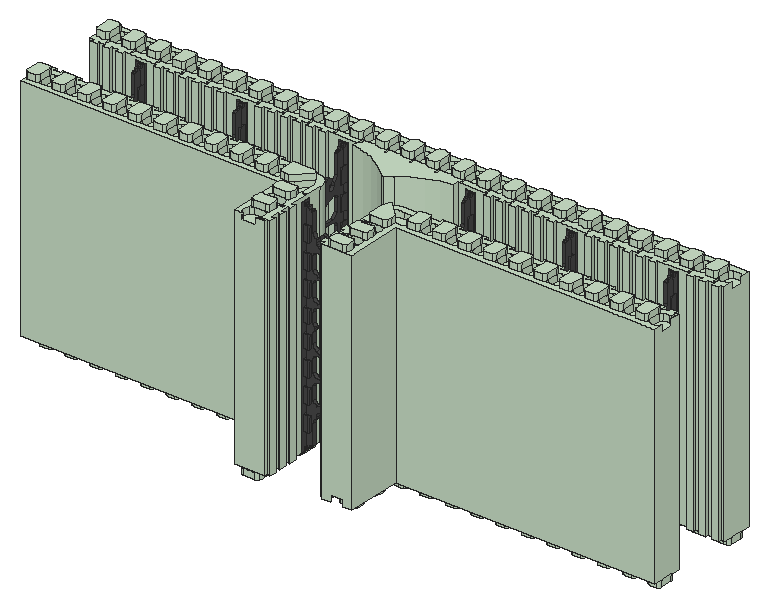
Revit family (continued)
Forms (in)
  Extrusion 96, void
    sketch origin (-7.99998, -2.00002, 0) x (0, -1, 0) y (1, 0, 0)
      loop
        arc (-3.97692, 24.99998) -> (-3.82983, 25.04783) -> (-3.73905, 25.17306) r 0.25
        arc (-3.73905, 25.17306) -> (-3.69045, 25.4209) -> (-3.70172, 25.67321) r 1.0625
        arc (-3.70172, 25.67321) -> (-3.68771, 25.72383) -> (-3.64005, 25.7459) r 0.0625
        line (-3.64005, 25.7459) -> (-3.41845, 25.7459) -> (-3.41845, 25.91673) -> (-3.76455, 25.91673)
        arc (-3.76455, 25.91673) -> (-3.78736, 25.92104) -> (-3.80702, 25.93338) r 0.0625
        arc (-3.80702, 25.93338) -> (-3.88568, 25.98274) -> (-3.97692, 25.99998) r 0.25
        line (-3.97692, 25.99998) -> (-4.89808, 25.99998)
        arc (-4.89808, 25.99998) -> (-5.04517, 25.95213) -> (-5.13595, 25.8269) r 0.25
        arc (-5.13595, 25.8269) -> (-5.1875, 25.49998) -> (-5.13595, 25.17306) r 1.0625
    from 0 to 0.5
  Extrusion 97, void
    sketch origin (-5.99998, -2.00002, 0) x (0, -1, 0) y (1, 0, 0)
      loop
        arc (-5.13595, 25.17306) -> (-5.04517, 25.04783) -> (-4.89808, 24.99998) r 0.25
        line (-4.89808, 24.99998) -> (-3.97692, 24.99998)
        arc (-3.97692, 24.99998) -> (-3.82983, 25.04783) -> (-3.73905, 25.17306) r 0.25
        arc (-3.73905, 25.17306) -> (-3.69045, 25.4209) -> (-3.70172, 25.67321) r 1.0625
        arc (-3.70172, 25.67321) -> (-3.68771, 25.72383) -> (-3.64005, 25.7459) r 0.0625
        line (-3.64005, 25.7459) -> (-3.41845, 25.7459) -> (-3.41845, 25.91673) -> (-3.76455, 25.91673)
        arc (-3.76455, 25.91673) -> (-3.78736, 25.92104) -> (-3.80702, 25.93338) r 0.0625
        arc (-3.80702, 25.93338) -> (-3.88568, 25.98274) -> (-3.97692, 25.99998) r 0.25
        line (-3.97692, 25.99998) -> (-4.89808, 25.99998)
        arc (-4.89808, 25.99998) -> (-5.04517, 25.95213) -> (-5.13595, 25.8269) r 0.25
        arc (-5.13595, 25.8269) -> (-5.1875, 25.49998) -> (-5.13595, 25.17306) r 1.0625
    from 0 to 0.5
  Extrusion 98, void
    sketch origin (-3.99998, -2.00002, 0) x (0, -1, 0) y (1, 0, 0)
      loop
        arc (-5.13595, 25.17306) -> (-5.04517, 25.04783) -> (-4.89808, 24.99998) r 0.25
        line (-4.89808, 24.99998) -> (-3.97692, 24.99998)
        arc (-3.97692, 24.99998) -> (-3.82983, 25.04783) -> (-3.73905, 25.17306) r 0.25
        arc (-3.73905, 25.17306) -> (-3.69045, 25.4209) -> (-3.70172, 25.67321) r 1.0625
        arc (-3.70172, 25.67321) -> (-3.68771, 25.72383) -> (-3.64005, 25.7459) r 0.0625
        line (-3.64005, 25.7459) -> (-3.41845, 25.7459) -> (-3.41845, 25.91673) -> (-3.76455, 25.91673)
        arc (-3.76455, 25.91673) -> (-3.78736, 25.92104) -> (-3.80702, 25.93338) r 0.0625
        arc (-3.80702, 25.93338) -> (-3.88568, 25.98274) -> (-3.97692, 25.99998) r 0.25
        line (-3.97692, 25.99998) -> (-4.89808, 25.99998)
        arc (-4.89808, 25.99998) -> (-5.04517, 25.95213) -> (-5.13595, 25.8269) r 0.25
        arc (-5.13595, 25.8269) -> (-5.1875, 25.49998) -> (-5.13595, 25.17306) r 1.0625
    from 0 to 0.5
  Extrusion 99, void
    sketch origin (-1.99998, -2.00002, 0) x (0, -1, 0) y (1, 0, 0)
      loop
        arc (-5.13595, 25.17306) -> (-5.04517, 25.04783) -> (-4.89808, 24.99998) r 0.25
        line (-4.89808, 24.99998) -> (-3.97692, 24.99998)
        arc (-3.97692, 24.99998) -> (-3.82983, 25.04783) -> (-3.73905, 25.17306) r 0.25
        arc (-3.73905, 25.17306) -> (-3.69045, 25.4209) -> (-3.70172, 25.67321) r 1.0625
        arc (-3.70172, 25.67321) -> (-3.68771, 25.72383) -> (-3.64005, 25.7459) r 0.0625
        line (-3.64005, 25.7459) -> (-3.41845, 25.7459) -> (-3.41845, 25.91673) -> (-3.76455, 25.91673)
        arc (-3.76455, 25.91673) -> (-3.78736, 25.92104) -> (-3.80702, 25.93338) r 0.0625
        arc (-3.80702, 25.93338) -> (-3.88568, 25.98274) -> (-3.97692, 25.99998) r 0.25
        line (-3.97692, 25.99998) -> (-4.89808, 25.99998)
        arc (-4.89808, 25.99998) -> (-5.04517, 25.95213) -> (-5.13595, 25.8269) r 0.25
        arc (-5.13595, 25.8269) -> (-5.1875, 25.49998) -> (-5.13595, 25.17306) r 1.0625
    from 0 to 0.5
  Extrusion 100, void
    sketch origin (-49.99998, -2.00002, 0) x (0, -1, 0) y (1, 0, 0)
      loop
        arc (-5.13595, 25.17306) -> (-5.04517, 25.04783) -> (-4.89808, 24.99998) r 0.25
        line (-4.89808, 24.99998) -> (-3.97692, 24.99998)
        arc (-3.97692, 24.99998) -> (-3.82983, 25.04783) -> (-3.73905, 25.17306) r 0.25
        arc (-3.73905, 25.17306) -> (-3.69045, 25.4209) -> (-3.70172, 25.67321) r 1.0625
        arc (-3.70172, 25.67321) -> (-3.68771, 25.72383) -> (-3.64005, 25.7459) r 0.0625
        line (-3.64005, 25.7459) -> (-3.41845, 25.7459) -> (-3.41845, 25.91673) -> (-3.76455, 25.91673)
        arc (-3.76455, 25.91673) -> (-3.78736, 25.92104) -> (-3.80702, 25.93338) r 0.0625
        arc (-3.80702, 25.93338) -> (-3.88568, 25.98274) -> (-3.97692, 25.99998) r 0.25
        line (-3.97692, 25.99998) -> (-4.89808, 25.99998)
        arc (-4.89808, 25.99998) -> (-5.04517, 25.95213) -> (-5.13595, 25.8269) r 0.25
        arc (-5.13595, 25.8269) -> (-5.1875, 25.49998) -> (-5.13595, 25.17306) r 1.0625
    from 0 to 0.5
  Extrusion 101, void
    sketch origin (-47.99998, -2.00002, 0) x (0, -1, 0) y (1, 0, 0)
      loop
        arc (-5.13595, 25.17306) -> (-5.04517, 25.04783) -> (-4.89808, 24.99998) r 0.25
        line (-4.89808, 24.99998) -> (-3.97692, 24.99998)
        arc (-3.97692, 24.99998) -> (-3.82983, 25.04783) -> (-3.73905, 25.17306) r 0.25
        arc (-3.73905, 25.17306) -> (-3.69045, 25.4209) -> (-3.70172, 25.67321) r 1.0625
        arc (-3.70172, 25.67321) -> (-3.68771, 25.72383) -> (-3.64005, 25.7459) r 0.0625
        line (-3.64005, 25.7459) -> (-3.41845, 25.7459) -> (-3.41845, 25.91673) -> (-3.76455, 25.91673)
        arc (-3.76455, 25.91673) -> (-3.78736, 25.92104) -> (-3.80702, 25.93338) r 0.0625
        arc (-3.80702, 25.93338) -> (-3.88568, 25.98274) -> (-3.97692, 25.99998) r 0.25
        line (-3.97692, 25.99998) -> (-4.89808, 25.99998)
        arc (-4.89808, 25.99998) -> (-5.04517, 25.95213) -> (-5.13595, 25.8269) r 0.25
        arc (-5.13595, 25.8269) -> (-5.1875, 25.49998) -> (-5.13595, 25.17306) r 1.0625
    from 0 to 0.5
  Extrusion 102, void
    sketch origin (-45.99998, -2.00002, 0) x (0, -1, 0) y (1, 0, 0)
      loop
        arc (-5.13595, 25.17306) -> (-5.04517, 25.04783) -> (-4.89808, 24.99998) r 0.25
        line (-4.89808, 24.99998) -> (-3.97692, 24.99998)
        arc (-3.97692, 24.99998) -> (-3.82983, 25.04783) -> (-3.73905, 25.17306) r 0.25
        arc (-3.73905, 25.17306) -> (-3.69045, 25.4209) -> (-3.70172, 25.67321) r 1.0625
        arc (-3.70172, 25.67321) -> (-3.68771, 25.72383) -> (-3.64005, 25.7459) r 0.0625
        line (-3.64005, 25.7459) -> (-3.41845, 25.7459) -> (-3.41845, 25.91673) -> (-3.76455, 25.91673)
        arc (-3.76455, 25.91673) -> (-3.78736, 25.92104) -> (-3.80702, 25.93338) r 0.0625
        arc (-3.80702, 25.93338) -> (-3.88568, 25.98274) -> (-3.97692, 25.99998) r 0.25
        line (-3.97692, 25.99998) -> (-4.89808, 25.99998)
        arc (-4.89808, 25.99998) -> (-5.04517, 25.95213) -> (-5.13595, 25.8269) r 0.25
        arc (-5.13595, 25.8269) -> (-5.1875, 25.49998) -> (-5.13595, 25.17306) r 1.0625
    from 0 to 0.5
  Extrusion 103, void
    sketch origin (-43.99998, -2.00002, 0) x (0, -1, 0) y (1, 0, 0)
      loop
        arc (-5.13595, 25.17306) -> (-5.04517, 25.04783) -> (-4.89808, 24.99998) r 0.25
        line (-4.89808, 24.99998) -> (-3.97692, 24.99998)
        arc (-3.97692, 24.99998) -> (-3.82983, 25.04783) -> (-3.73905, 25.17306) r 0.25
        arc (-3.73905, 25.17306) -> (-3.69045, 25.4209) -> (-3.70172, 25.67321) r 1.0625
        arc (-3.70172, 25.67321) -> (-3.68771, 25.72383) -> (-3.64005, 25.7459) r 0.0625
        line (-3.64005, 25.7459) -> (-3.41845, 25.7459) -> (-3.41845, 25.91673) -> (-3.76455, 25.91673)
        arc (-3.76455, 25.91673) -> (-3.78736, 25.92104) -> (-3.80702, 25.93338) r 0.0625
        arc (-3.80702, 25.93338) -> (-3.88568, 25.98274) -> (-3.97692, 25.99998) r 0.25
        line (-3.97692, 25.99998) -> (-4.89808, 25.99998)
        arc (-4.89808, 25.99998) -> (-5.04517, 25.95213) -> (-5.13595, 25.8269) r 0.25
        arc (-5.13595, 25.8269) -> (-5.1875, 25.49998) -> (-5.13595, 25.17306) r 1.0625
    from 0 to 0.5
  Extrusion 104, void
    sketch origin (-41.99998, -2.00002, 0) x (0, -1, 0) y (1, 0, 0)
      loop
        arc (-5.13595, 25.17306) -> (-5.04517, 25.04783) -> (-4.89808, 24.99998) r 0.25
        line (-4.89808, 24.99998) -> (-3.97692, 24.99998)
        arc (-3.97692, 24.99998) -> (-3.82983, 25.04783) -> (-3.73905, 25.17306) r 0.25
        arc (-3.73905, 25.17306) -> (-3.69045, 25.4209) -> (-3.70172, 25.67321) r 1.0625
        arc (-3.70172, 25.67321) -> (-3.68771, 25.72383) -> (-3.64005, 25.7459) r 0.0625
        line (-3.64005, 25.7459) -> (-3.41845, 25.7459) -> (-3.41845, 25.91673) -> (-3.76455, 25.91673)
        arc (-3.76455, 25.91673) -> (-3.78736, 25.92104) -> (-3.80702, 25.93338) r 0.0625
        arc (-3.80702, 25.93338) -> (-3.88568, 25.98274) -> (-3.97692, 25.99998) r 0.25
        line (-3.97692, 25.99998) -> (-4.89808, 25.99998)
        arc (-4.89808, 25.99998) -> (-5.04517, 25.95213) -> (-5.13595, 25.8269) r 0.25
        arc (-5.13595, 25.8269) -> (-5.1875, 25.49998) -> (-5.13595, 25.17306) r 1.0625
    from 0 to 0.5
  Extrusion 105, void
    sketch origin (-39.99998, -2.00002, 0) x (0, -1, 0) y (1, 0, 0)
      loop
        arc (-5.13595, 25.17306) -> (-5.04517, 25.04783) -> (-4.89808, 24.99998) r 0.25
        line (-4.89808, 24.99998) -> (-3.97692, 24.99998)
        arc (-3.97692, 24.99998) -> (-3.82983, 25.04783) -> (-3.73905, 25.17306) r 0.25
        arc (-3.73905, 25.17306) -> (-3.69045, 25.4209) -> (-3.70172, 25.67321) r 1.0625
        arc (-3.70172, 25.67321) -> (-3.68771, 25.72383) -> (-3.64005, 25.7459) r 0.0625
        line (-3.64005, 25.7459) -> (-3.41845, 25.7459) -> (-3.41845, 25.91673) -> (-3.76455, 25.91673)
        arc (-3.76455, 25.91673) -> (-3.78736, 25.92104) -> (-3.80702, 25.93338) r 0.0625
        arc (-3.80702, 25.93338) -> (-3.88568, 25.98274) -> (-3.97692, 25.99998) r 0.25
        line (-3.97692, 25.99998) -> (-4.89808, 25.99998)
        arc (-4.89808, 25.99998) -> (-5.04517, 25.95213) -> (-5.13595, 25.8269) r 0.25
        arc (-5.13595, 25.8269) -> (-5.1875, 25.49998) -> (-5.13595, 25.17306) r 1.0625
    from 0 to 0.5
  Extrusion 106, void
    sketch origin (-37.99998, -2.00002, 0) x (0, -1, 0) y (1, 0, 0)
      loop
        arc (-5.13595, 25.17306) -> (-5.04517, 25.04783) -> (-4.89808, 24.99998) r 0.25
        line (-4.89808, 24.99998) -> (-3.97692, 24.99998)
        arc (-3.97692, 24.99998) -> (-3.82983, 25.04783) -> (-3.73905, 25.17306) r 0.25
        arc (-3.73905, 25.17306) -> (-3.69045, 25.4209) -> (-3.70172, 25.67321) r 1.0625
        arc (-3.70172, 25.67321) -> (-3.68771, 25.72383) -> (-3.64005, 25.7459) r 0.0625
        line (-3.64005, 25.7459) -> (-3.41845, 25.7459) -> (-3.41845, 25.91673) -> (-3.76455, 25.91673)
        arc (-3.76455, 25.91673) -> (-3.78736, 25.92104) -> (-3.80702, 25.93338) r 0.0625
        arc (-3.80702, 25.93338) -> (-3.88568, 25.98274) -> (-3.97692, 25.99998) r 0.25
        line (-3.97692, 25.99998) -> (-4.89808, 25.99998)
        arc (-4.89808, 25.99998) -> (-5.04517, 25.95213) -> (-5.13595, 25.8269) r 0.25
        arc (-5.13595, 25.8269) -> (-5.1875, 25.49998) -> (-5.13595, 25.17306) r 1.0625
    from 0 to 0.5
  Extrusion 107, void
    sketch origin (-35.99998, -2.00002, 0) x (0, -1, 0) y (1, 0, 0)
      loop
        arc (-5.13595, 25.17306) -> (-5.04517, 25.04783) -> (-4.89808, 24.99998) r 0.25
        line (-4.89808, 24.99998) -> (-3.97692, 24.99998)
        arc (-3.97692, 24.99998) -> (-3.82983, 25.04783) -> (-3.73905, 25.17306) r 0.25
        arc (-3.73905, 25.17306) -> (-3.69045, 25.4209) -> (-3.70172, 25.67321) r 1.0625
        arc (-3.70172, 25.67321) -> (-3.68771, 25.72383) -> (-3.64005, 25.7459) r 0.0625
        line (-3.64005, 25.7459) -> (-3.41845, 25.7459) -> (-3.41845, 25.91673) -> (-3.76455, 25.91673)
        arc (-3.76455, 25.91673) -> (-3.78736, 25.92104) -> (-3.80702, 25.93338) r 0.0625
        arc (-3.80702, 25.93338) -> (-3.88568, 25.98274) -> (-3.97692, 25.99998) r 0.25
        line (-3.97692, 25.99998) -> (-4.89808, 25.99998)
        arc (-4.89808, 25.99998) -> (-5.04517, 25.95213) -> (-5.13595, 25.8269) r 0.25
        arc (-5.13595, 25.8269) -> (-5.1875, 25.49998) -> (-5.13595, 25.17306) r 1.0625
    from 0 to 0.5
Cuts and joins
  Extrusion 2, Extrusion 3, Extrusion 4, Extrusion 5, Extrusion 6, Extrusion 7, Extrusion 8, Extrusion 9, Extrusion 10, Extrusion 11, Extrusion 12, Extrusion 13, Extrusion 14, Extrusion 15, Extrusion 16, Extrusion 17, Extrusion 18, Extrusion 19, Extrusion 20, Extrusion 21, Extrusion 22, Extrusion 23, Extrusion 24, Extrusion 25, Extrusion 26, Extrusion 27, Extrusion 28, Extrusion 29, Extrusion 30, Extrusion 31, Extrusion 32, Extrusion 33, Extrusion 34, Extrusion 35, Extrusion 36, Extrusion 37, Extrusion 38, Extrusion 39, Extrusion 40, Extrusion 41, Extrusion 46, Extrusion 47, Extrusion 48, Extrusion 49, Extrusion 50, Extrusion 51, Extrusion 52, Extrusion 53, Extrusion 54, Extrusion 55, Extrusion 56, Extrusion 57, Extrusion 58, Extrusion 59, Extrusion 60, Extrusion 61, Extrusion 62, Extrusion 63, Extrusion 64, Extrusion 65, Extrusion 66, Extrusion 67, Extrusion 68, Extrusion 69, Extrusion 70, Extrusion 71, Extrusion 72, Extrusion 73, Extrusion 74, Extrusion 75, Extrusion 76, Extrusion 77, Extrusion 78, Extrusion 79, Extrusion 80, Extrusion 81, Extrusion 82, Extrusion 83, Extrusion 84, Extrusion 85, Extrusion 86, Extrusion 87, Extrusion 88, Extrusion 89, Extrusion 90, Extrusion 91, Extrusion 92, Extrusion 93, Extrusion 94, Extrusion 95, Extrusion 96, Extrusion 97, Extrusion 98, Extrusion 99, Extrusion 100, Extrusion 101, Extrusion 102, Extrusion 103, Extrusion 104, Extrusion 105, Extrusion 106, Extrusion 107 cuts Extrusion 1
  Extrusion 53 cuts Extrusion 43
  Extrusion 85 cuts Extrusion 45
Lines and regions (in)
  model lines
    curve 1: line (-1, 3.62754, 18) -> (-1, 3.62754, 0)
Dimensions and locks (in)
  locked: plane 8 to level at 18  (x2)
  locked: plane 5 to plane 4 at 4
  locked: plane 7 to plane 6 at 4
  aligned and locked: plane 8 to Extrusion 1
  aligned and locked: Extrusion 1 to level
  aligned and locked: Extrusion 1 to plane 8
  aligned and locked: plane 2 to level
  aligned: cut or joined group 1 (Extrusion 1, Extrusion 2, Extrusion 3, Extrusion 4, Extrusion 5, Extrusion 6, Extrusion 7, Extrusion 8, Extrusion 9, Extrusion 10, Extrusion 11, Extrusion 12, Extrusion 13, Extrusion 14, Extrusion 15, Extrusion 16, Extrusion 17, Extrusion 18, Extrusion 19, Extrusion 20, Extrusion 21, Extrusion 22, Extrusion 23, Extrusion 24, Extrusion 25, Extrusion 26, Extrusion 27, Extrusion 28, Extrusion 29, Extrusion 30, Extrusion 31, Extrusion 32, Extrusion 33, Extrusion 34, Extrusion 35, Extrusion 36, Extrusion 37, Extrusion 38, Extrusion 39, Extrusion 40, Extrusion 41, Extrusion 46, Extrusion 47, Extrusion 48, Extrusion 49, Extrusion 50, Extrusion 51, Extrusion 52, Extrusion 53, Extrusion 54, Extrusion 55, Extrusion 56, Extrusion 57, Extrusion 58, Extrusion 59, Extrusion 60, Extrusion 61, Extrusion 62, Extrusion 63, Extrusion 64, Extrusion 65, Extrusion 66, Extrusion 67, Extrusion 68, Extrusion 69, Extrusion 70, Extrusion 71, Extrusion 72, Extrusion 73, Extrusion 74, Extrusion 75, Extrusion 76, Extrusion 77, Extrusion 78, Extrusion 79, Extrusion 80, Extrusion 81, Extrusion 82, Extrusion 83, Extrusion 84, Extrusion 85, Extrusion 86, Extrusion 87, Extrusion 88, Extrusion 89, Extrusion 90, Extrusion 91, Extrusion 92, Extrusion 93, Extrusion 94, Extrusion 95, Extrusion 96, Extrusion 97, Extrusion 98, Extrusion 99, Extrusion 100, Extrusion 101, Extrusion 102, Extrusion 103, Extrusion 104, Extrusion 105, Extrusion 106, Extrusion 107) to nested 37
  aligned: nested 39 to cut or joined group 1
  aligned: nested 40 to cut or joined group 1
  aligned: cut or joined group 1 to nested 41
  aligned: cut or joined group 1 to nested 104
  aligned: cut or joined group 1 to nested 105
  aligned and locked: nested 40 to nested 41
  aligned and locked: nested 106 to nested 40
  aligned: cut or joined group 1 to nested 107
  aligned: nested 109 to cut or joined group 1
  aligned: cut or joined group 1 to nested 108
  aligned: nested 110 to cut or joined group 1
  aligned: nested 111 to cut or joined group 1
  aligned: nested 112 to cut or joined group 1
  aligned and locked: nested 107 to cut or joined group 1
  aligned and locked: nested 118 to cut or joined group 1
  aligned and locked: cut or joined group 1 to nested 117
  aligned and locked: cut or joined group 1 to nested 116
  aligned and locked: cut or joined group 1 to nested 115
  aligned and locked: cut or joined group 1 to nested 114
  aligned and locked: cut or joined group 1 to nested 113
  aligned and locked: nested 119 to cut or joined group 1
Nested families (in)
  nested 1: "Interlock Tooth" at (-1, -9.99998, 0) x (0, 1, 0) z (0, 0, 1), type "Interlock Tooth"
  nested 2: "Interlock Tooth" at (-1, -7.99998, 0) x (0, 1, 0) z (0, 0, 1), type "Interlock Tooth"
  nested 3: "Interlock Tooth" at (1, -8.99998, 0) x (0, 1, 0) z (0, 0, 1), type "Interlock Tooth"
  nested 4: "Interlock Tooth" at (1, -6.99998, 0) x (0, 1, 0) z (0, 0, 1), type "Interlock Tooth"
  nested 5: "Interlock Tooth" at (-9, 0.00002, 0), type "Interlock Tooth"
  nested 6: "Interlock Tooth" at (-7, 0.00002, 0), type "Interlock Tooth"
  nested 7: "Interlock Tooth" at (5, 0.00002, 0), type "Interlock Tooth"
  nested 8: "Interlock Tooth" at (7, 0.00002, 0), type "Interlock Tooth"
  nested 9: "Interlock Tooth" at (-8, 0.00002, -18.5), type "Interlock Tooth"
  nested 10: "Interlock Tooth" at (-6, 0.00002, -18.5), type "Interlock Tooth"
  nested 11: "Interlock Tooth" at (8, 0.00002, -18.5), type "Interlock Tooth"
  nested 12: "Interlock Tooth" at (6, 0.00002, -18.5), type "Interlock Tooth"
  nested 13: "Interlock Tooth" at (1, -8.99998, -18.5) x (0, -1, 0) z (0, 0, 1), type "Interlock Tooth"
  nested 14: "Interlock Tooth" at (1, -6.99998, -18.5) x (0, -1, 0) z (0, 0, 1), type "Interlock Tooth"
  nested 15: "Interlock Tooth" at (-1, -8.99998, -18.5) x (0, 1, 0) z (0, 0, 1), type "Interlock Tooth"
  nested 16: "Interlock Tooth" at (-1, -6.99998, -18.5) x (0, 1, 0) z (0, 0, 1), type "Interlock Tooth"
  nested 17: "Interlock Tooth" at (-8, -2.00002, 0) x (-1, 0, 0) z (0, 0, 1), type "Interlock Tooth"
  nested 18: "Interlock Tooth" at (-9, -2.00002, -18.5) x (-1, 0, 0) z (0, 0, 1), type "Interlock Tooth"
  nested 19: "Interlock Tooth" at (-6, -2.00002, 0) x (-1, 0, 0) z (0, 0, 1), type "Interlock Tooth"
  nested 20: "Interlock Tooth" at (-7, -2.00002, -18.5) x (-1, 0, 0) z (0, 0, 1), type "Interlock Tooth"
  nested 21: "Interlock Tooth" at (-4, -2.00002, 0) x (-1, 0, 0) z (0, 0, 1), type "Interlock Tooth"
  nested 22: "Interlock Tooth" at (-5, -2.00002, -18.5) x (-1, 0, 0) z (0, 0, 1), type "Interlock Tooth"
  nested 23: "Interlock Tooth" at (-2, -2.00002, 0) x (-1, 0, 0) z (0, 0, 1), type "Interlock Tooth"
  nested 24: "Interlock Tooth" at (-3, -2.00002, -18.5) x (-1, 0, 0) z (0, 0, 1), type "Interlock Tooth"
  nested 25: "Interlock Tooth" at (0, -2.00002, 0) x (-1, 0, 0) z (0, 0, 1), type "Interlock Tooth"
  nested 26: "Interlock Tooth" at (-1, -2.00002, -18.5) x (-1, 0, 0) z (0, 0, 1), type "Interlock Tooth"
  nested 27: "Interlock Tooth" at (2, -2.00002, 0) x (-1, 0, 0) z (0, 0, 1), type "Interlock Tooth"
  nested 28: "Interlock Tooth" at (1, -2.00002, -18.5) x (-1, 0, 0) z (0, 0, 1), type "Interlock Tooth"
  nested 29: "Interlock Tooth" at (4, -2.00002, 0) x (-1, 0, 0) z (0, 0, 1), type "Interlock Tooth"
  nested 30: "Interlock Tooth" at (3, -2.00002, -18.5) x (-1, 0, 0) z (0, 0, 1), type "Interlock Tooth"
  nested 31: "Interlock Tooth" at (6, -2.00002, 0) x (-1, 0, 0) z (0, 0, 1), type "Interlock Tooth"
  nested 32: "Interlock Tooth" at (5, -2.00002, -18.5) x (-1, 0, 0) z (0, 0, 1), type "Interlock Tooth"
  nested 33: "Interlock Tooth" at (8, -2.00002, 0) x (-1, 0, 0) z (0, 0, 1), type "Interlock Tooth"
  nested 34: "Interlock Tooth" at (7, -2.00002, -18.5) x (-1, 0, 0) z (0, 0, 1), type "Interlock Tooth"
  nested 35: "Interlock Tooth" at (10, -2.00002, 0) x (-1, 0, 0) z (0, 0, 1), type "Interlock Tooth"
  nested 36: "Interlock Tooth" at (9, -2.00002, -18.5) x (-1, 0, 0) z (0, 0, 1), type "Interlock Tooth"
  nested 37: "NUDURA Diamond Pattern Missing Two Lines" at (-10.25, -9.99998, 0) x (0, 1, 0) z (0, 0, 1), type "NUDURA Diamond Pattern minus Two lines"
  nested 38: "NUDURA Diamond Pattern Missing Two Lines" at (-9, 0, 0), type "NUDURA Diamond Pattern minus Two lines"
  nested 39: "NUDURA Diamond Pattern Missing Two Lines" at (-1, -9.99998, 0) x (0, 1, 0) z (0, 0, 1), type "NUDURA Diamond Pattern minus Two lines"
  nested 40: "NUDURA Logo Diamond" at (16.99744, 3.62754, 0) x (-1, 0, 0) z (0, 0, 1), type "NUDURA Logo Diamond"
  nested 41: "NUDURA Logo Diamond" at (6.99744, 3.62754, 0) x (-1, 0, 0) z (0, 0, 1), type "NUDURA Logo Diamond"
  nested 42: "Interlock Tooth" at (-16, -2.00002, 0) x (-1, 0, 0) z (0, 0, 1), type "Interlock Tooth"
  nested 43: "Interlock Tooth" at (-14, -2.00002, 0) x (-1, 0, 0) z (0, 0, 1), type "Interlock Tooth"
  nested 44: "Interlock Tooth" at (-12, -2.00002, 0) x (-1, 0, 0) z (0, 0, 1), type "Interlock Tooth"
  nested 45: "Interlock Tooth" at (-10, -2.00002, 0) x (-1, 0, 0) z (0, 0, 1), type "Interlock Tooth"
  nested 46: "Interlock Tooth" at (-18, -2.00002, 0) x (-1, 0, 0) z (0, 0, 1), type "Interlock Tooth"
  nested 47: "Interlock Tooth" at (-24, -2.00002, 0) x (-1, 0, 0) z (0, 0, 1), type "Interlock Tooth"
  nested 48: "Interlock Tooth" at (-22, -2.00002, 0) x (-1, 0, 0) z (0, 0, 1), type "Interlock Tooth"
  nested 49: "Interlock Tooth" at (-20, -2.00002, 0) x (-1, 0, 0) z (0, 0, 1), type "Interlock Tooth"
  nested 50: "Interlock Tooth" at (-13, 0.00002, 0), type "Interlock Tooth"
  nested 51: "Interlock Tooth" at (-11, 0.00002, 0), type "Interlock Tooth"
  nested 52: "Interlock Tooth" at (-17, 0.00002, 0), type "Interlock Tooth"
  nested 53: "Interlock Tooth" at (-15, 0.00002, 0), type "Interlock Tooth"
  nested 54: "Interlock Tooth" at (-21, 0.00002, 0), type "Interlock Tooth"
  nested 55: "Interlock Tooth" at (-19, 0.00002, 0), type "Interlock Tooth"
  nested 56: "Interlock Tooth" at (-25, 0.00002, 0), type "Interlock Tooth"
  nested 57: "Interlock Tooth" at (-23, 0.00002, 0), type "Interlock Tooth"
  nested 58: "Interlock Tooth" at (9, 0.00002, 0), type "Interlock Tooth"
  nested 59: "Interlock Tooth" at (11, 0.00002, 0), type "Interlock Tooth"
  nested 60: "Interlock Tooth" at (13, 0.00002, 0), type "Interlock Tooth"
  nested 61: "Interlock Tooth" at (15, 0.00002, 0), type "Interlock Tooth"
  nested 62: "Interlock Tooth" at (17, 0.00002, 0), type "Interlock Tooth"
  nested 63: "Interlock Tooth" at (19, 0.00002, 0), type "Interlock Tooth"
  nested 64: "Interlock Tooth" at (21, 0.00002, 0), type "Interlock Tooth"
  nested 65: "Interlock Tooth" at (23, 0.00002, 0), type "Interlock Tooth"
  nested 66: "Interlock Tooth" at (14, -2.00002, 0) x (-1, 0, 0) z (0, 0, 1), type "Interlock Tooth"
  nested 67: "Interlock Tooth" at (16, -2.00002, 0) x (-1, 0, 0) z (0, 0, 1), type "Interlock Tooth"
  nested 68: "Interlock Tooth" at (18, -2.00002, 0) x (-1, 0, 0) z (0, 0, 1), type "Interlock Tooth"
  nested 69: "Interlock Tooth" at (20, -2.00002, 0) x (-1, 0, 0) z (0, 0, 1), type "Interlock Tooth"
  nested 70: "Interlock Tooth" at (22, -2.00002, 0) x (-1, 0, 0) z (0, 0, 1), type "Interlock Tooth"
  nested 71: "Interlock Tooth" at (24, -2.00002, 0) x (-1, 0, 0) z (0, 0, 1), type "Interlock Tooth"
  nested 72: "Interlock Tooth" at (12, -2.00002, 0) x (-1, 0, 0) z (0, 0, 1), type "Interlock Tooth"
  nested 73: "Interlock Tooth" at (-12, 0.00002, -18.5), type "Interlock Tooth"
  nested 74: "Interlock Tooth" at (-10, 0.00002, -18.5), type "Interlock Tooth"
  nested 75: "Interlock Tooth" at (-16, 0.00002, -18.5), type "Interlock Tooth"
  nested 76: "Interlock Tooth" at (-14, 0.00002, -18.5), type "Interlock Tooth"
  nested 77: "Interlock Tooth" at (-20, 0.00002, -18.5), type "Interlock Tooth"
  nested 78: "Interlock Tooth" at (-18, 0.00002, -18.5), type "Interlock Tooth"
  nested 79: "Interlock Tooth" at (-24, 0.00002, -18.5), type "Interlock Tooth"
  nested 80: "Interlock Tooth" at (-22, 0.00002, -18.5), type "Interlock Tooth"
  nested 81: "Interlock Tooth" at (12, 0.00002, -18.5), type "Interlock Tooth"
  nested 82: "Interlock Tooth" at (10, 0.00002, -18.5), type "Interlock Tooth"
  nested 83: "Interlock Tooth" at (16, 0.00002, -18.5), type "Interlock Tooth"
  nested 84: "Interlock Tooth" at (14, 0.00002, -18.5), type "Interlock Tooth"
  nested 85: "Interlock Tooth" at (20, 0.00002, -18.5), type "Interlock Tooth"
  nested 86: "Interlock Tooth" at (18, 0.00002, -18.5), type "Interlock Tooth"
  nested 87: "Interlock Tooth" at (24, 0.00002, -18.5), type "Interlock Tooth"
  nested 88: "Interlock Tooth" at (22, 0.00002, -18.5), type "Interlock Tooth"
  nested 89: "Interlock Tooth" at (11, -2.00002, -18.5) x (-1, 0, 0) z (0, 0, 1), type "Interlock Tooth"
  nested 90: "Interlock Tooth" at (13, -2.00002, -18.5) x (-1, 0, 0) z (0, 0, 1), type "Interlock Tooth"
  nested 91: "Interlock Tooth" at (15, -2.00002, -18.5) x (-1, 0, 0) z (0, 0, 1), type "Interlock Tooth"
  nested 92: "Interlock Tooth" at (17, -2.00002, -18.5) x (-1, 0, 0) z (0, 0, 1), type "Interlock Tooth"
  nested 93: "Interlock Tooth" at (19, -2.00002, -18.5) x (-1, 0, 0) z (0, 0, 1), type "Interlock Tooth"
  nested 94: "Interlock Tooth" at (21, -2.00002, -18.5) x (-1, 0, 0) z (0, 0, 1), type "Interlock Tooth"
  nested 95: "Interlock Tooth" at (23, -2.00002, -18.5) x (-1, 0, 0) z (0, 0, 1), type "Interlock Tooth"
  nested 96: "Interlock Tooth" at (25, -2.00002, -18.5) x (-1, 0, 0) z (0, 0, 1), type "Interlock Tooth"
  nested 97: "Interlock Tooth" at (-23, -2.00002, -18.5) x (-1, 0, 0) z (0, 0, 1), type "Interlock Tooth"
  nested 98: "Interlock Tooth" at (-21, -2.00002, -18.5) x (-1, 0, 0) z (0, 0, 1), type "Interlock Tooth"
  nested 99: "Interlock Tooth" at (-19, -2.00002, -18.5) x (-1, 0, 0) z (0, 0, 1), type "Interlock Tooth"
  nested 100: "Interlock Tooth" at (-17, -2.00002, -18.5) x (-1, 0, 0) z (0, 0, 1), type "Interlock Tooth"
  nested 101: "Interlock Tooth" at (-15, -2.00002, -18.5) x (-1, 0, 0) z (0, 0, 1), type "Interlock Tooth"
  nested 102: "Interlock Tooth" at (-13, -2.00002, -18.5) x (-1, 0, 0) z (0, 0, 1), type "Interlock Tooth"
  nested 103: "Interlock Tooth" at (-11, -2.00002, -18.5) x (-1, 0, 0) z (0, 0, 1), type "Interlock Tooth"
